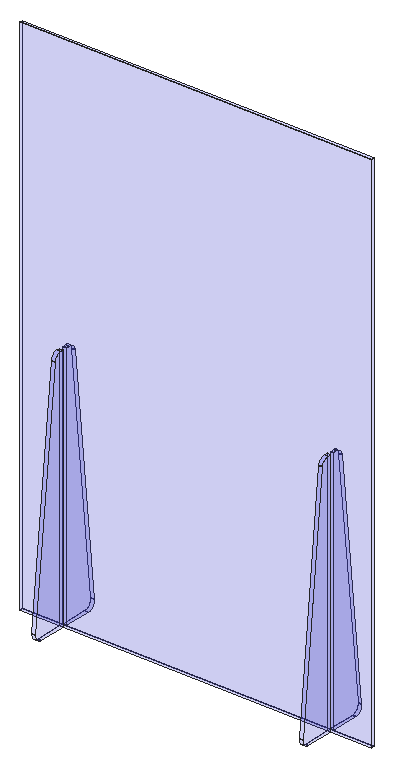
Revit family "QF_ENGLISH_PW", category Specialty Equipment, Revit 2018
Family settings
  Round Connector Dimension = Use Diameter
  Part Type = Normal
  Work Plane-Based = No
  Always vertical = Yes
  Cut with Voids When Loaded = No
  Shared = No
  Room Calculation Point = No
Parameters
  Model = "PW"
  Manufacturer = "ENGLISH MFG. INC."
  Length [instance] = 2' - 0"
  Description = "PORTABLES"
Reference planes (in)
  plane 1 "BACK": y = 0
  plane 2: z = 0
  plane 3 "LEFT": x = 0
  plane 4: x = 12
  plane 5: x = -12
  plane 6: z = 34
  plane 7: z = 70
  plane 8: x = -6
  plane 9: x = -9
  plane 10: x = 6
  plane 11: x = 9
Forms (in)
  Extrusion 1, solid, material "QF_Finishes_Glass"
    sketch origin (0, 0.75, 0) x (1, 0, 0) y (0, 1, 0)
      loop
        line (12, -0.625) -> (-12, -0.625) -> (-12, -0.875) -> (12, -0.875) -> (12, -0.625)
    from 34 to 70
  Extrusion 2, solid, material "QF_Finishes_Glass"
    sketch origin (0, 0, 0) x (0, 1, 0) y (0, 0, 1)
      loop
        arc (2.0124, 34) -> (2.38361, 34.16504) -> (2.50977, 34.5512) r 0.5
        line (2.50977, 34.5512) -> (0.86271, 50.5512)
        arc (0.86271, 50.5512) -> (0.7003, 50.87121) -> (0.36534, 51) r 0.5
        line (0.36534, 51) -> (0.125, 51) -> (0.125, 34) -> (2.0124, 34)
      loop
        line (-0.86271, 50.5512) -> (-2.50977, 34.5512)
        arc (-2.50977, 34.5512) -> (-2.38361, 34.16504) -> (-2.0124, 34) r 0.5
        line (-2.0124, 34) -> (-0.125, 34) -> (-0.125, 51) -> (-0.36534, 51)
        arc (-0.36534, 51) -> (-0.7003, 50.87121) -> (-0.86271, 50.5512) r 0.5
    from -9.27138 to -9
  Extrusion 3, solid, material "QF_Finishes_Glass"
    sketch origin (0, 0, 0) x (0, 1, 0) y (0, 0, -1)
      loop
        line (2.0124, -34) -> (0.125, -34) -> (0.125, -51) -> (0.36534, -51)
        arc (0.36534, -51) -> (0.7003, -50.87121) -> (0.86271, -50.5512) r 0.5
        line (0.86271, -50.5512) -> (2.50977, -34.5512)
        arc (2.50977, -34.5512) -> (2.38361, -34.16504) -> (2.0124, -34) r 0.5
      loop
        arc (-0.86271, -50.5512) -> (-0.7003, -50.87121) -> (-0.36534, -51) r 0.5
        line (-0.36534, -51) -> (-0.125, -51) -> (-0.125, -34) -> (-2.0124, -34)
        arc (-2.0124, -34) -> (-2.38361, -34.16504) -> (-2.50977, -34.5512) r 0.5
        line (-2.50977, -34.5512) -> (-0.86271, -50.5512)
    from -9.25 to -9
Dimensions and locks (in)
  plane 6 to plane 2 = 2' - 10"
  Extrusion 2 to Extrusion 2 = 0' - 0.27138"
  Extrusion 3 to Extrusion 3 = 0' - 0 1/4"
  "Length": plane 5 to plane 4
  locked: plane 5 to plane 9 at 3
  locked: plane 11 to plane 4 at 3
  locked: plane 8 to plane 5 at 6
  locked: plane 10 to plane 4 at 6
  locked: Extrusion 2 to Extrusion 2 at 0.27138
  locked: Extrusion 3 to Extrusion 3 at 0.25
  aligned and locked: level to plane 2
  aligned and locked: Extrusion 1 to plane 5
  aligned and locked: Extrusion 1 to plane 4
  aligned and locked: plane 7 to Extrusion 1
  aligned and locked: Extrusion 1 to plane 6
  aligned and locked: plane 9 to Extrusion 2
  aligned and locked: plane 11 to Extrusion 3
Automatic sketch dimensions
  Extrusion 2 sketch curve to plane 6 = 0' - 0"  (x2)
  plane 6 to Extrusion 2 sketch curve = 0' - 0.5512"  (x2)
  plane 1 "BACK" to Extrusion 2 sketch curve = 0' - 2.50977"
  Extrusion 2 sketch curve to Extrusion 2 sketch curve = 0' - 0.49737"  (x2)
  plane 1 "BACK" to Extrusion 2 sketch curve = 0' - 0.86271"
  plane 1 "BACK" to Extrusion 2 sketch curve = 0' - 0.36534"
  plane 1 "BACK" to Extrusion 2 sketch curve = 0' - 0 1/8"
  Extrusion 2 sketch curve to plane 1 "BACK" = 0' - 0 1/8"
  Extrusion 2 sketch curve to plane 1 "BACK" = 0' - 0.36534"
  plane 6 to Extrusion 2 sketch curve = 0' - 0 1/2"
  Extrusion 2 sketch curve to Extrusion 2 sketch curve = 0' - 1.8874"
  Extrusion 2 sketch curve to Extrusion 2 sketch curve = 1' - 4"
  Extrusion 2 sketch curve to Extrusion 2 sketch curve = 0' - 0"
  Extrusion 2 sketch curve to Extrusion 2 sketch curve = 0' - 0.0512"  (x2)
  Extrusion 3 sketch curve to plane 6 = 0' - 0"  (x2)
  plane 6 to Extrusion 3 sketch curve = 0' - 0.5512"  (x2)
  plane 1 "BACK" to Extrusion 3 sketch curve = 0' - 2.50977"
  Extrusion 3 sketch curve to Extrusion 3 sketch curve = 0' - 0.49737"  (x2)
  plane 1 "BACK" to Extrusion 3 sketch curve = 0' - 0.86271"
  plane 1 "BACK" to Extrusion 3 sketch curve = 0' - 0.36534"
  Extrusion 3 sketch curve to Extrusion 3 sketch curve = 0' - 0.24034"  (x2)
  Extrusion 3 sketch curve to plane 1 "BACK" = 0' - 0 1/8"
  plane 6 to Extrusion 3 sketch curve = 0' - 0 1/2"
  Extrusion 3 sketch curve to Extrusion 3 sketch curve = 0' - 1.8874"
  Extrusion 3 sketch curve to Extrusion 3 sketch curve = 1' - 4"
  Extrusion 3 sketch curve to Extrusion 3 sketch curve = 0' - 0"
  Extrusion 3 sketch curve to Extrusion 3 sketch curve = 0' - 0.0512"  (x2)
  Extrusion 1 sketch curve to plane 5 = 0' - 0"
  Extrusion 1 sketch curve to plane 4 = 0' - 0"
  plane 1 "BACK" to Extrusion 1 sketch curve = 0' - 0 1/8"
  Extrusion 1 sketch curve to plane 1 "BACK" = 0' - 0 1/8"
